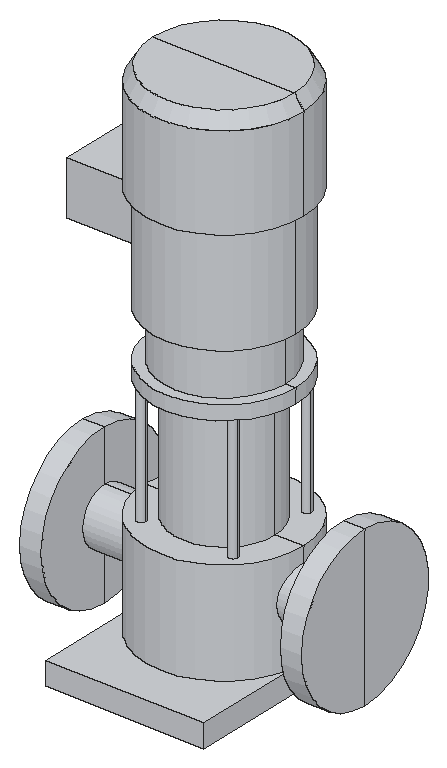
Revit family "2ea43a99f605443db7f0fa92d04de7e3", category Mechanical Equipment, Revit 2021
Family settings
  Round Connector Dimension = Use Radius
  Classification = Pump
  Part Type = Normal
  OmniClass Number = 23.60.30.21
  OmniClass Title = Pumps
  Work Plane-Based = No
  Always vertical = Yes
  Cut with Voids When Loaded = No
  Shared = No
  Room Calculation Point = No
Parameters (values of type "0.37 kW - 1.25" Discharge")
  Voltage [instance] = 230 V
  Symbol Radius = Motor Radius  # 2.77539"
  Length 2 = sin(45.00°) * (Length 1 + 1/4")  # 1.60894"
  Length 1 = Motor Radius - 3/4"  # 2.02539"
  Length = 9 27/32"
  Suction Nominal Radius = Discharge Nominal Radius  # 5/8"
  Pump Material = none
  Number of Poles [instance] = 2
  Load Classification = Appliance - Dwelling Unit
  Pump Height = 10 63/64"
  Inverter Front to Center = 4 75/256"
  Height = 18 129/256"
  Flow [instance] = 0 GPM
  Flange Thickness = 191/256"
  Flange Radius = Flange Diameter / 2  # 2.75586"
  Flange Diameter = 5 131/256"
  Discharge Nominal Radius = 5/8"
  Discharge Nominal Diameter = Discharge Nominal Radius * 2  # 1 1/4"
  Discharge Height = 2 61/64"
  Discharge Body Radius = Discharge Nominal Radius * 1.15 + 1/4"  # 31/32"
  Motor Radius = Motor Diameter / 2  # 2.77539"
  Motor Diameter = 5 141/256"
  Default Elevation = 0"
  Base Length = 5 141/256"
  Base Width = 8 169/256"
  Base Height = 101/128"
  Apparent Load [instance] = 0 VA
Reference planes (in)
  plane 1 "Center (Front/Back)": y = 0
  plane 2: z = 0
  plane 3 "Center (Left/Right)": x = 0
  plane 4: z = 18.50391
  plane 5: z = 2.95313
  plane 6: x = -2.77539
  plane 7: x = 2.77539
  plane 8 "base top": z = 0.78906
  plane 9: z = 16.62402
  plane 10: z = 1.98438
  plane 11: z = 10.98437
  plane 12: x = -4.92187
  plane 13: z = 12.86426
  plane 14: x = 4.92188
  plane 15: z = 14.74414
  plane 16: x = -4.29297
  plane 17: z = 3.92188
  plane 18: z = 4.42188
  plane 19: y = 1.60894
  plane 20: y = -1.60894
  plane 21: x = -1.60894
  plane 22: x = 1.60894
  plane 23: z = 8.79688
  plane 24: z = 6.60938
Forms (in)
  Revolve 1, solid, material <- "Pump Material"
    sketch origin (0, 0, 0) x (1, 0, 0) y (0, 0, 1)
      loop
        line (-2.52539, 10.98438) -> (-2.15039, 10.98438) -> (-2.15039, 9.29688) -> (-2.52539, 9.29688) -> (-2.52539, 8.79688) -> (-1.77539, 8.79688) -> (-1.77539, 4.42188) -> (-2.77539, 4.42188) -> (-2.77539, 0.78906) -> (0, 0.78906) -> (0, 18.50391) -> (-2.48672, 18.50391) -> (-2.77539, 18.00391) -> (-2.77539, 14.74414) -> (-2.52539, 14.74414) -> (-2.52539, 10.98438)
      axis (0, 18.50391) -> (0, 0.78906)
    angle from 0 to 360
  Revolve 2, solid, material <- "Pump Material"
    sketch origin (0, 0, 0) x (1, 0, 0) y (0, 0, 1)
      loop
        line (-4.92187, 5.70898) -> (-4.92187, 2.95313) -> (4.92188, 2.95313) -> (4.92188, 5.70898) -> (4.17578, 5.70898) -> (4.17578, 3.92188) -> (-4.17578, 3.92188) -> (-4.17578, 5.70898) -> (-4.92187, 5.70898)
      axis (-4.92187, 2.95313) -> (4.92188, 2.95313)
    angle from 0 to 360
  Extrusion 3, solid, not visible
    sketch origin (0, 0, 0) x (0, 1, 0) y (0, 0, 1)
      loop
        circle (0, 2.95312) r 0.5
    from -4.92188 to 4.92188
  Extrusion 4, solid, material <- "Pump Material"
    sketch origin (0, 0, 0) x (-0.766044, 0.642788, 0) y (-0.642788, -0.766044, 0)
      loop
        line (0.96418, -1.14907) -> (4.25279, 1.6104) -> (2.32442, 3.90853) -> (-0.96418, 1.14907) -> (0.96418, -1.14907)
    from 12.86426 to 14.74414
  Extrusion 5, solid, material <- "Pump Material"
    sketch origin (0, 0, 0) x (1, 0, 0) y (0, 1, 0)
      loop
        circle (-1.60894, 1.60894) r 0.15
      loop
        circle (1.60894, 1.60894) r 0.15
      loop
        circle (1.60894, -1.60894) r 0.15
      loop
        circle (-1.60894, -1.60894) r 0.15
    from 4.42188 to 8.79688
  Extrusion 6, solid, material <- "Pump Material"
    sketch origin (0, 0, 0) x (1, 0, 0) y (0, 1, 0)
      loop
        line (-2.77539, 4.33008) -> (-2.77539, -4.33008) -> (2.77539, -4.33008) -> (2.77539, 4.33008) -> (-2.77539, 4.33008)
    from 0 to 0.78906
Lines and regions (in)
  Masking region 1, detail levels fine
    outline origin (0, 0, 0.78906) x (-1, 0, 0) y (0, -1, 0)
      loop
        line (-2.77539, -4.33008) -> (2.77539, -4.33008) -> (2.77539, 4.33008) -> (-2.77539, 4.33008) -> (-2.77539, -4.33008)
  Masking region 2, detail levels fine
    outline origin (-22.14468, -180, 10.98437) x (-1, 0, 0) y (0, -1, 0)
      loop
        line (-17.9689, -180.96875) -> (-17.9689, -182.75586) -> (-17.2228, -182.75586) -> (-17.2228, -177.24414) -> (-17.9689, -177.24414) -> (-17.9689, -179.03125) -> (-22.57462, -179.03125) -> (-26.32046, -179.03125) -> (-26.32046, -177.24414) -> (-27.06655, -177.24414) -> (-27.06655, -182.75586) -> (-26.32046, -182.75586) -> (-26.32046, -180.96875) -> (-22.14468, -180.96875) -> (-17.9689, -180.96875)
  Masking region 3, detail levels fine
    outline origin (-34.11471, -180, 18.50391) x (-1, 0, 0) y (0, -1, 0)
      loop
        circle (-34.11471, -180) r 2.77539
  Masking region 4, detail levels fine
    outline origin (-12.66239, -180, 14.74414) x (-1, 0, 0) y (0, -1, 0)
      loop
        line (-12.66239, -181.5) -> (-8.36942, -181.5) -> (-8.36942, -178.5) -> (-12.66239, -178.5) -> (-12.66239, -181.5)
  symbolic lines, detail levels fine
    curve 1: line (-4.17578, 0.96875, 10.98437) -> (-4.17578, -0.96875, 10.98437)
    curve 2: line (4.17578, 0.96875, 10.98437) -> (4.17578, -0.96875, 10.98437)
    curve 3: circle (0, 0, 18.50391) r 2.48672 normal (0, 0, 1)
Dimensions and locks (in)
  equal spacing: plane 7, plane 3 "Center (Left/Right)", plane 6
  "Base Length": plane 7 to plane 6
  "Base Height": plane 8 "base top" to level
  "Flange Radius": Revolve 2 sketch curve to Revolve 2 sketch curve
  "Discharge Body Radius": plane 5 to plane 10
  "Discharge Body Radius": Revolve 2 sketch curve to Revolve 2 sketch curve
  "Motor Radius": Revolve 1 sketch curve to Revolve 1 sketch curve
  Revolve 1 sketch curve to Revolve 1 sketch curve = 1/4"
  "Flange Thickness": Revolve 2 sketch curve to Revolve 2 sketch curve  (x2)
  "Pump Height": plane 11 to level
  "Discharge Height": plane 5 to level
  "Height": plane 4 to level
  equal spacing: plane 4, plane 9, plane 15, plane 13, plane 11
  "Inverter Front to Center": plane 16 to plane 3 "Center (Left/Right)"
  equal spacing: plane 14, plane 3 "Center (Left/Right)", plane 12
  "Length": plane 14 to plane 12
  "Discharge Body Radius": plane 17 to plane 5
  locked: plane 18 to plane 17 at 0.5
  locked: Revolve 1 sketch curve to Revolve 1 sketch curve at 0.25
  locked: Revolve 1 sketch curve to Revolve 1 sketch curve at 0.75
  "Length 2": plane 3 "Center (Left/Right)" to plane 22
  "Length 2": plane 21 to plane 3 "Center (Left/Right)"
  "Length 2": plane 1 "Center (Front/Back)" to plane 20
  "Length 2": plane 19 to plane 1 "Center (Front/Back)"
  equal spacing: Extrusion 4 sketch curve, plane 1 "Center (Front/Back)", Extrusion 4 sketch curve
  equal spacing: plane 11, plane 23, plane 24, plane 18
  locked: Revolve 1 sketch curve to Revolve 1 sketch curve at 0.5
  equal spacing: Revolve 1 sketch curve, Revolve 1 sketch curve, Revolve 1 sketch curve
  equal spacing: Extrusion 6 sketch curve, plane 1 "Center (Front/Back)", Extrusion 6 sketch curve
  "Base Width": Extrusion 6 sketch curve to Extrusion 6 sketch curve
  "Discharge Body Radius": plane 1 "Center (Front/Back)" to Masking region 2 sketch curve
  "Discharge Body Radius": Masking region 2 sketch curve to plane 1 "Center (Front/Back)"
  "Flange Thickness": Masking region 2 sketch curve to Masking region 2 sketch curve  (x2)
  "Flange Radius": plane 1 "Center (Front/Back)" to Masking region 2 sketch curve  (x2)
  radius of Extrusion 3 sketch curve = 1/2"
  aligned and locked: Revolve 1 sketch curve to plane 3 "Center (Left/Right)"
  aligned and locked: Revolve 2 sketch curve to plane 5
  aligned and locked: Revolve 2 sketch curve to Revolve 2 sketch curve  (x2)
  aligned and locked: Revolve 1 sketch curve to Revolve 1 sketch curve  (x3)
  aligned and locked: plane 4 to Revolve 1 sketch curve
  aligned and locked: Revolve 2 sketch curve to plane 12
  aligned and locked: Revolve 2 sketch curve to plane 14
  aligned and locked: Revolve 1 sketch curve to plane 11
  aligned and locked: nested 1 to plane 1 "Center (Front/Back)"
  aligned and locked: plane 1 "Center (Front/Back)" to Extrusion 3 sketch curve
  aligned and locked: plane 5 to Extrusion 3 sketch curve
  aligned and locked: Extrusion 3 to plane 12
  aligned and locked: plane 14 to Extrusion 3
  aligned and locked: plane 8 "base top" to Revolve 1 sketch curve
  aligned and locked: plane 6 to Revolve 1 sketch curve
  aligned and locked: Revolve 1 sketch curve to plane 18
  aligned and locked: Revolve 1 sketch curve to plane 15
  aligned and locked: plane 21 to Extrusion 5 sketch curve  (x2)
  aligned and locked: plane 19 to Extrusion 5 sketch curve  (x2)
  aligned and locked: plane 20 to Extrusion 5 sketch curve  (x2)
  aligned and locked: plane 22 to Extrusion 5 sketch curve  (x2)
  aligned and locked: Extrusion 5 to plane 18
  aligned and locked: plane 15 to Extrusion 4
  aligned and locked: Extrusion 4 to plane 13
  aligned and locked: Extrusion 4 sketch curve to plane 16
  aligned and locked: plane 3 "Center (Left/Right)" to Extrusion 4 sketch curve
  aligned and locked: plane 23 to Revolve 1 sketch curve
  aligned and locked: plane 23 to Extrusion 5
  aligned and locked: plane 6 to Extrusion 6 sketch curve
  aligned and locked: Extrusion 6 sketch curve to plane 7
  aligned and locked: Extrusion 6 to level
  aligned and locked: plane 8 "base top" to Extrusion 6
  aligned and locked: Masking region 1 sketch curve to Extrusion 6  (x4)
  aligned and locked: Masking region 2 sketch curve to Masking region 2 sketch curve  (x6)
  aligned and locked: Masking region 2 sketch curve to plane 12
  aligned and locked: Masking region 2 sketch curve to plane 14
  aligned and locked: Masking region 3 sketch curve to Revolve 1
  aligned and locked: Masking region 4 sketch curve to Extrusion 4  (x4)
  aligned and locked: Masking region 2 to curve 1  (x2)
  aligned and locked: curve 1 to Masking region 2
  aligned and locked: Masking region 2 to curve 2  (x3)
  aligned and locked: curve 3 to Revolve 1
Automatic sketch dimensions
  plane 1 "Center (Front/Back)" to Extrusion 4 sketch curve = 1 1/2"
  plane 6 to Revolve 1 sketch curve = 0.28868"
  Revolve 1 sketch curve to plane 4 = 1/2"
  Revolve 1 sketch curve to level = 3.86576"
  Revolve 1 sketch curve to Revolve 1 sketch curve = 21.44283"
  Revolve 2 sketch curve to plane 12 = 6.76464"
  Revolve 2 sketch curve to plane 14 = 0.16856"
  plane 6 to Masking region 2 sketch curve = 2.77539"
  Masking region 2 sketch curve to plane 7 = 2.34545"
  radius of Extrusion 5 sketch curve = 0.15"  (x4)
Nested families (in)
  nested 1: "Pump Symbol" at (0, 0, 0) x (0, 1, 0) z (0, 0, 1), Symbol Radius <- "Symbol Radius", type "Pump Symbol", detail levels coarse+medium
    with Symbol Radius 2.77539", Symbol Length 2 2.40356", Symbol Length 1 1.3877"
Connectors (in)
  piping at (-4.92187, 0, 2.95312), diameter 1.25, driven by "Flow", driven by "Suction Nominal Radius"
    settings: on Extrusion 3, index 1, connector inside diameter 24", connector length 0", flow factor 0, pipe flow 0 GPM, pressure drop 0.00 psi, fitting loss kfactor 0, connector angle 0.00°, fixture units 0, engagement length 0", angle of deflection 0.00°, flow configuration 0, flow direction 1, fitting loss method 0, system type 29, joint type 0, gender type 0, connector reference index 2, connector utility 0, adjustable connector no, is connector primary yes, connector description "In"
  piping at (4.92188, 0, 2.95312), diameter 1.25, driven by "Flow", driven by "Discharge Nominal Radius"
    settings: on Extrusion 3, index 2, connector inside diameter 24", connector length 0", flow factor 0, pipe flow 0 GPM, pressure drop 0.00 psi, fitting loss kfactor 0, connector angle 0.00°, fixture units 0, engagement length 0", angle of deflection 0.00°, flow configuration 0, flow direction 2, fitting loss method 0, system type 29, joint type 0, gender type 0, connector reference index 1, connector utility 0, adjustable connector no, is connector primary no, connector description "Out"
  electrical at (-4.29297, 0, 13.8042), driven by "Number of Poles", driven by "Load Classification", driven by "Voltage", driven by "Apparent Load"
    settings: on Extrusion 4, index 3, voltage 230 V, apparent load 0 VA, apparent load phase1 0 VA, apparent load phase2 0 VA, apparent load phase3 0 VA, power factor 0.8, load classification "Appliance - Dwelling Unit", number of poles 2, system type 30, power factor state 1, is connector primary yes, connector utility no, sub classification motor no, connector description "Power"
Definition of nested family "Pump Symbol"
  Parameters (values of type "Pump Symbol")
    Symbol Radius [instance] = 24"
    Symbol Length 2 [instance] = cos(30.00°) * Symbol Radius  # 20.78461"
    Symbol Length 1 [instance] = sin(30.00°) * Symbol Radius  # 12"
  Reference planes (in)
    plane 1 "Center (Front/Back)": y = 0
    plane 2: z = 0
    plane 3 "Center (Left/Right)": x = 0
    plane 4: y = 12
    plane 5: y = -24
    plane 6: x = -20.78461
    plane 7: x = 20.78461
  Lines and regions (in)
    Filled region 1, type "Concrete Block", in view "Ref. Level"
      outline origin (0, 0, 0) x (1, 0, 0) y (0, 1, 0)
        loop
          line (-20.78461, 12) -> (0, -24) -> (20.78461, 12) -> (-20.78461, 12)
    detail lines, in view "Ref. Level"
      curve 1: circle (0, 0, 0) r 24 normal (0, 0, 1)
  Dimensions and locks (in)
    "Symbol Radius": plane 1 "Center (Front/Back)" to plane 5
    "Symbol Length 1": plane 4 to plane 1 "Center (Front/Back)"
    "Symbol Length 2": plane 6 to plane 3 "Center (Left/Right)"
    "Symbol Length 2": plane 3 "Center (Left/Right)" to plane 7
    "Symbol Radius": radius of curve 1
    aligned and locked: plane 3 "Center (Left/Right)" to curve 1
    aligned and locked: plane 1 "Center (Front/Back)" to curve 1
  Automatic sketch dimensions
    Filled region 1 sketch curve to plane 4 = 0"
    Filled region 1 sketch curve to plane 6 = 0"
    Filled region 1 sketch curve to plane 3 "Center (Left/Right)" = 0"
    Filled region 1 sketch curve to plane 7 = 0"
    Filled region 1 sketch curve to plane 5 = 0"
